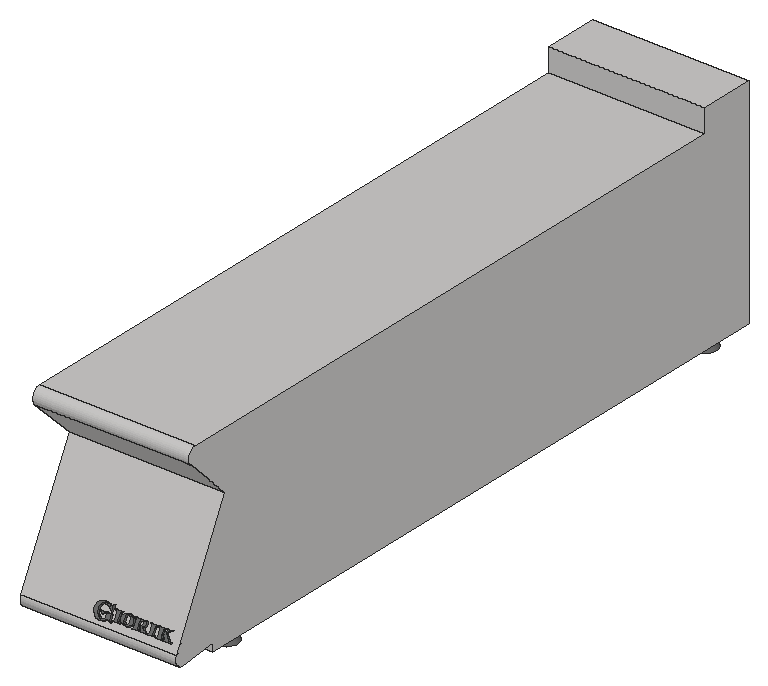
Revit family "QF_GIORIK_EN910T", category Specialty Equipment, Revit 2014
Parameters (values of type "EN910T")
  Weight in Pounds = 0
  URL Cutsheet = "www.giorik.com"
  URL = "www.giorik.com"
  Status [instance] = ""
  Specification by User [instance] = ""
  Specification by Manufacturer = ""
  Show Logo [instance] = yes
  Show Clearance [instance] = yes
  Serial Number = ""
  Seismic Rating = ""
  SMACNA No = ""
  Revision Code [instance] = ""
  NAFEM Spec ID Number = ""
  Model = "EN910T"
  Masterspec = ""
  Manufacturer = "GIORIK"
  Item Number [instance] = ""
  Installed By [instance] = ""
  Identify Quantity as Lot [instance] = no
  Furnished By [instance] = ""
  Foodservice Equipment Identifier [instance] = yes
  Description = "NEUTRAL UNIT"
  CSI MasterFormat = ""
  Assembly Code = "E1090320"
Reference planes
  plane 1 "Back": y = 0
  plane 2: z = 0
  plane 3 "Left": x = 0
  plane 4 "Right": x = 200
  plane 5 "Front": y = -920
  plane 6 "Top": z = 300
Forms (mm)
  Extrusion 1, solid, visible <- "Show Logo"
    sketch origin (-3.396, -936.761, 9.486) x (-1, 0, 0) y (0, 0.452718, 0.891654)
      loop
        line (-118.824, 58.358) -> (-127.804, 58.358) -> (-125.523, 56.445) -> (-125.523, 48.027) -> (-127.804, 46.113) -> (-118.824, 46.113) -> (-121.105, 48.027) -> (-121.105, 56.445) -> (-118.824, 58.358)
      loop
        line (-163.721, 58.358) -> (-172.7, 58.358) -> (-170.42, 56.445) -> (-170.42, 48.027) -> (-172.7, 46.113) -> (-163.721, 46.113) -> (-166.001, 48.027) -> (-166.001, 56.445) -> (-163.721, 58.358)
      loop
        line (-174.332, 58.358) -> (-183.312, 58.358) -> (-181.031, 56.445) -> (-181.031, 52.435) -> (-186.419, 56.955) -> (-184.416, 58.358) -> (-191.268, 58.358) -> (-188.01, 56.839) -> (-185.455, 54.283) -> (-190.846, 47.858) -> (-193.396, 46.93) -> (-193.396, 46.113) -> (-184.416, 46.113) -> (-185.437, 47.571) -> (-182.443, 51.552) -> (-181.031, 50.894) -> (-181.031, 48.027) -> (-183.312, 46.113) -> (-174.332, 46.113) -> (-176.613, 48.027) -> (-176.613, 56.445) -> (-174.332, 58.358)
      loop
        line (-115.429, 62.063) -> (-115.429, 54.198)
        arc (-115.429, 54.198) -> (-111.618, 57.803) -> (-106.847, 59.986) r 16.039
        arc (-106.847, 59.986) -> (-103.314, 59.837) -> (-100.512, 57.68) r 5.851
        arc (-100.512, 57.68) -> (-98.815, 52.267) -> (-100.512, 46.853) r 9.479
        arc (-100.512, 46.853) -> (-102.406, 44.986) -> (-104.846, 43.93) r 7.236
        arc (-104.846, 43.93) -> (-107.728, 44.111) -> (-110.052, 45.825) r 5.11
        line (-110.052, 45.825) -> (-110.052, 52.001) -> (-116.141, 52.001) -> (-116.141, 45.503) -> (-117.893, 43.751) -> (-114.094, 44.769)
        arc (-114.094, 44.769) -> (-112.56, 44.947) -> (-111.129, 44.366) r 3.115
        arc (-111.129, 44.366) -> (-104.216, 42.091) -> (-97.303, 44.366) r 11.641
        arc (-97.303, 44.366) -> (-93.396, 52.107) -> (-97.303, 59.849) r 9.622
        arc (-97.303, 59.849) -> (-104.369, 62.174) -> (-111.435, 59.849) r 11.898
        line (-111.435, 59.849) -> (-115.429, 62.063)
      loop
        arc (-129.234, 56.068) -> (-135.893, 58.628) -> (-142.552, 56.068) r 9.941
        arc (-142.552, 56.068) -> (-144.234, 52.286) -> (-142.552, 48.505) r 5.093
        arc (-142.552, 48.505) -> (-135.893, 45.945) -> (-129.234, 48.505) r 9.941
        arc (-129.234, 48.505) -> (-127.552, 52.286) -> (-129.234, 56.068) r 5.093
      loop
        arc (-132.628, 54.403) -> (-135.893, 57.668) -> (-139.158, 54.403) r 3.265
        line (-139.158, 54.403) -> (-139.158, 50.169)
        arc (-139.158, 50.169) -> (-135.893, 46.904) -> (-132.628, 50.169) r 3.265
        line (-132.628, 50.169) -> (-132.628, 54.403)
      loop
        arc (-156.363, 58.365) -> (-159.647, 55.081) -> (-156.363, 51.796) r 3.285
        line (-156.363, 51.796) -> (-159.529, 47.306) -> (-162.087, 46.113) -> (-155.847, 46.113) -> (-153.529, 51.083) -> (-150.637, 51.083) -> (-150.637, 47.784) -> (-153.022, 46.113) -> (-144.011, 46.113) -> (-146.094, 47.68) -> (-146.094, 56.493) -> (-144.229, 58.365) -> (-156.363, 58.365)
      loop
        line (-150.637, 57.512) -> (-153.637, 57.512)
        arc (-153.637, 57.512) -> (-156.237, 54.912) -> (-153.637, 52.312) r 2.6
        line (-153.637, 52.312) -> (-150.637, 52.312) -> (-150.637, 57.512)
      loop
        line (-108.924, 52.001) -> (-104.936, 49.005) -> (-100.948, 52.001) -> (-108.924, 52.001)
    from 1.5 to -0.5
  Extrusion 2, solid
    sketch origin (0, 800, -620) x (0, 1, 0) y (0, 0, 1)
      loop
        line (-800, 919.988) -> (-870, 919.988) -> (-870, 889.988) -> (-1688.806, 889.988)
        arc (-1688.806, 889.988) -> (-1699.151, 883.075) -> (-1696.724, 870.873) r 11.197
        line (-1696.724, 870.873) -> (-1640.876, 815.025) -> (-1718.948, 661.258)
        arc (-1718.948, 661.258) -> (-1718.233, 650.105) -> (-1708.118, 645.354) r 10.981
        line (-1708.118, 645.354) -> (-1660, 649.925) -> (-1660, 640) -> (-800, 640) -> (-800, 919.988)
    from 0 to 200
  Extrusion 3, solid
    sketch origin (543.603, 45.293, -30) x (0, 1, 0) y (-1, 0, 0)
      loop
        circle (-79.293, 516.603) r 5
    from 41.965 to 50
  Revolve 4, solid
    sketch origin (27, 49.943, -600) x (0, 1, 0) y (0, 0, 1)
      loop
        line (-83.943, 611.965) -> (-94.752, 611.965) -> (-97.943, 600) -> (-83.943, 600) -> (-83.943, 611.965)
      axis (-83.943, 611.965) -> (-83.943, 600)
    angle from 0 to 360
  Extrusion 5, solid
    sketch origin (-343.603, 45.293, -30) x (0, 1, 0) y (-1, 0, 0)
      loop
        circle (-79.293, -516.603) r 5
    from 41.965 to 50
  Revolve 6, solid
    sketch origin (173, 49.943, -600) x (0, 1, 0) y (0, 0, -1)
      loop
        line (-83.943, -611.965) -> (-83.943, -600) -> (-97.943, -600) -> (-94.752, -611.965) -> (-83.943, -611.965)
      axis (-83.943, -611.965) -> (-83.943, -600)
    angle from 0 to 360
  Extrusion 7, solid
    sketch origin (543.603, -724.774, -30) x (0, 1, 0) y (-1, 0, 0)
      loop
        circle (-79.293, 516.603) r 5
    from 41.965 to 50
  Revolve 8, solid
    sketch origin (27, -720.125, -600) x (0, 1, 0) y (0, 0, 1)
      loop
        line (-83.943, 611.965) -> (-94.752, 611.965) -> (-97.943, 600) -> (-83.943, 600) -> (-83.943, 611.965)
      axis (-83.943, 611.965) -> (-83.943, 600)
    angle from 0 to 360
  Extrusion 9, solid
    sketch origin (-343.603, -724.774, -30) x (0, 1, 0) y (-1, 0, 0)
      loop
        circle (-79.293, -516.603) r 5
    from 41.965 to 50
  Revolve 10, solid
    sketch origin (173, -720.125, -600) x (0, 1, 0) y (0, 0, -1)
      loop
        line (-83.943, -611.965) -> (-83.943, -600) -> (-97.943, -600) -> (-94.752, -611.965) -> (-83.943, -611.965)
      axis (-83.943, -611.965) -> (-83.943, -600)
    angle from 0 to 360
Lines and regions (mm)
  symbolic lines, style "200-EquipBorder-2D"
    curve 1: line (0, -920, 0) -> (200, -920, 0)
    curve 2: line (200, -920, 0) -> (200, 0, 0)
    curve 3: line (200, 0, 0) -> (0, 0, 0)
    curve 4: line (0, 0, 0) -> (0, -920, 0)
  symbolic lines, style "200-EquipInternal-2D"
    curve 5: line (0, -70, 300) -> (200, -70, 300)
Dimensions and locks
  plane 3 "Left" to plane 4 "Right" = 200 mm
  plane 5 "Front" to plane 1 "Back" = 920 mm
  plane 4 "Right" to plane 3 "Left" = 200 mm
  plane 1 "Back" to plane 5 "Front" = 920 mm
  plane 6 "Top" to level = 300 mm  (x2)
  aligned and locked: level to plane 2
